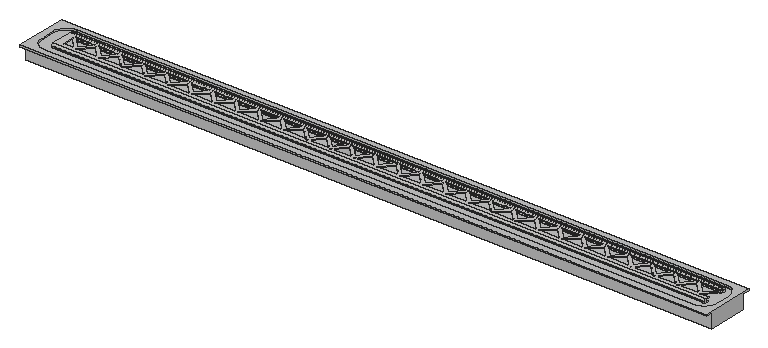
Revit family "Drain-Linear_Pyramid_Noble_FreeStyle", category Plumbing Fixtures, host Face, Revit 2017
Family settings
  Host = Face
  Round Connector Dimension = Use Diameter
  Part Type = Normal
  OmniClass Number = 23.45.55.21
  OmniClass Title = Drains (Wastes)
  Cut with Voids When Loaded = No
  Shared = No
  Room Calculation Point = No
Parameters (values of type "60in PVC")
  Weight = "10 lbs"
  URL = "www.noblecompany.com"
  Type Comments = ""
  Product Properties = "http://www.noblecompany.com/Portals/0/PRODUCT%20INFO/Product%20Descriptions/FreeStyle%20Linear%20Drain%20Product%20Decription%200410.pdf"
  Product Data = "http://www.noblecompany.com/Products/ShowerProducts/tabid/59/Default.aspx"
  Plate = Stainless Steel - Brushed
  Model = "Freestyle 60 PVC - Pyramid"
  Manufacturer Phone - Toll Free = "800-878-5788"
  Manufacturer Phone = "231-799-8000"
  Manufacturer Fax = "231-799-8850"
  Manufacturer Email = "mailto:sales@noblecompany.com"
  Manufacturer Address = "7300 Enterprise Drive, Spring Lake, MI  49456 USA"
  Manufacturer = "Noble Company"
  Installation-Fabrication = "http://www.noblecompany.com/Portals/0/PRODUCT%20INFO/Product%20Descriptions/FreeStyle%20Linear%20Drain%20Product%20Decription%200410.pdf"
  GPM = 0 GPM
  Description = "Freestyle 60 PVC - Pyramid Linear Drain"
  Building Codes = "http://www.noblecompany.com/Portals/0/TECHNICAL%20INFO/Listing_Testing_Certification_Reports/PMG-1065%20Noble%20Company%20Linear%20Drain%20final%202.pdf"
  Base = PVC
  B = 57 3/4"
  Assembly Code = "D2030300"
  A = 60"
  Default Elevation = 0"
  D = 1 5/8"
  C = 33 3/4"
Types (14): name | Model | Description | Base | B | A | D | C
  24in ABS | "Freestyle 24 ABS - Pyramid" | "Freestyle 24 ABS - Pyramid Linear Drain" | ABS | 21 3/4" | 24" | 1 1/4" | 15 3/4"
  32in ABS | "Freestyle 32 ABS - Pyramid" | "Freestyle 32 ABS - Pyramid Linear Drain" | ABS | 29 3/4" | 32" | 1 3/8" | 19 1/2"
  36in ABS | "Freestyle 36 ABS - Pyramid" | "Freestyle 36 ABS - Pyramid Linear Drain" | ABS | 33 3/4" | 36" | 1 3/8" | 21 3/4"
  40in ABS | "Freestyle 40 ABS - Pyramid" | "Freestyle 40 ABS - Pyramid Linear Drain" | ABS | 37 3/4" | 40" | 1 7/16" | 23 3/4"
  48in ABS | "Freestyle 48 ABS - Pyramid" | "Freestyle 48 ABS - Pyramid Linear Drain" | ABS | 45 3/4" | 48" | 1 1/2" | 27 3/4"
  54in ABS | "Freestyle 54 ABS - Pyramid" | "Freestyle 54 ABS - Pyramid Linear Drain" | ABS | 51 3/4" | 54" | 1 9/16" | 30 3/4"
  60in ABS | "Freestyle 60 ABS - Pyramid" | "Freestyle 60 ABS - Pyramid Linear Drain" | ABS | 57 3/4" | 60" | 1 5/8" | 33 3/4"
  24in PVC | "Freestyle 24 PVC - Pyramid" | "Freestyle 24 PVC - Pyramid Linear Drain" | PVC | 21 3/4" | 24" | 1 1/4" | 15 3/4"
  32in PVC | "Freestyle 32 PVC - Pyramid" | "Freestyle 32 PVC - Pyramid Linear Drain" | PVC | 29 3/4" | 32" | 1 3/8" | 19 1/2"
  36in PVC | "Freestyle 36 PVC - Pyramid" | "Freestyle 36 PVC - Pyramid Linear Drain" | PVC | 33 3/4" | 36" | 1 3/8" | 21 3/4"
  40in PVC | "Freestyle 40 PVC - Pyramid" | "Freestyle 40 PVC - Pyramid Linear Drain" | PVC | 37 3/4" | 40" | 1 7/16" | 23 3/4"
  48in PVC | "Freestyle 48 PVC - Pyramid" | "Freestyle 48 PVC - Pyramid Linear Drain" | PVC | 45 3/4" | 48" | 1 1/2" | 27 3/4"
  54in PVC | "Freestyle 54 PVC - Pyramid" | "Freestyle 54 PVC - Pyramid Linear Drain" | PVC | 51 3/4" | 54" | 1 9/16" | 30 3/4"
  60in PVC | "Freestyle 60 PVC - Pyramid" | "Freestyle 60 PVC - Pyramid Linear Drain" | PVC | 57 3/4" | 60" | 1 5/8" | 33 3/4"
Reference planes (in)
  plane 1 "Center (Front/Back)": y = 0
  plane 2: z = 0
  plane 3 "Center (Left/Right)": x = 0
  plane 4: z = -1.625
  plane 5: z = -4.05899
  plane 6: z = -1.625
  plane 7: y = 1.6875
  plane 8: y = -1.6875
  plane 9: z = -0.375
  plane 10: y = 2.25
  plane 11: y = -2.25
  plane 12: z = -0.3125
  plane 13: x = 30
  plane 14: x = -30
  plane 15: x = 28.875
  plane 16: x = -3.75
  plane 17: x = -28.875
  plane 18: z = -0.125
Forms (in)
  Extrusion 1, void, detail levels medium+fine
    sketch origin (0, 0, 0) x (1, 0, 0) y (0, 1, 0)
      loop
        circle (-3.75, 0) r 1
    from -60 to 34.55449
  Extrusion 2, solid, material "PVC" <- "Base", detail levels medium+fine
    sketch origin (10.05986, 0, 0) x (0, 1, 0) y (0, 0, 1)
      loop
        line (2.25, -0.375) -> (2.25, -0.25) -> (-2.25, -0.25) -> (-2.25, -0.375) -> (-1.6875, -0.375) -> (-1.6875, -1.625) -> (1.6875, -1.625) -> (1.6875, -0.375) -> (2.25, -0.375)
    from -40.05986 to 19.94014
  Extrusion 3, void
    sketch origin (10.05986, 0, 0) x (1, 0, 0) y (0, 1, 0)
      loop
        arc (-38.37906, 1.769) -> (-39.18512, 1.43512) -> (-39.519, 0.62906) r 1.13994
        line (-39.519, 0.62906) -> (-39.519, -0.63005)
        arc (-39.519, -0.63005) -> (-39.18541, -1.43541) -> (-38.38005, -1.769) r 1.13895
        line (-38.38005, -1.769) -> (18.37931, -1.769)
        arc (18.37931, -1.769) -> (19.18519, -1.43519) -> (19.519, -0.62931) r 1.13969
        line (19.519, -0.62931) -> (19.519, 0.62118)
        arc (19.519, 0.62118) -> (19.18281, 1.43281) -> (18.37118, 1.769) r 1.14782
        line (18.37118, 1.769) -> (-38.37906, 1.769)
    from -0.375 to 0
  Extrusion 4, void
    sketch origin (0, 0, 0) x (1, 0, 0) y (0, 1, 0)
      loop
        line (29, 1.269) -> (-29, 1.269) -> (-29, -1.269) -> (29, -1.269) -> (29, 1.269)
    from -0.125 to 0
  Extrusion 5, void, detail levels fine
    sketch origin (0, 0, 0) x (0, 1, 0) y (0, 0, 1)
      loop
        line (2.25, -0.375) -> (2.25, -0.125) -> (-2.25, -0.125) -> (-2.25, -0.375) -> (-1.6875, -0.375) -> (-1.6875, -1.625) -> (1.6875, -1.625) -> (1.6875, -0.375) -> (2.25, -0.375)
    from -30 to 30
Cuts and joins
  Extrusion 1, Extrusion 3 cuts Extrusion 2
Lines and regions (in)
  model lines, detail levels coarse+medium
    curve 1: line (-3.75, 0, 0) -> (-3.75, 0, -1.625)
  model lines, style "PlumbingFixtures", detail levels coarse
    curve 2: line (-30, 2.25, 0) -> (-30, -2.25, 0)
    curve 3: line (-30, 2.25, 0) -> (30, 2.25, 0)
    curve 4: line (30, 2.25, 0) -> (30, -2.25, 0)
    curve 5: line (-30, -2.25, 0) -> (30, -2.25, 0)
    curve 6: line (30, 0, 0) -> (-30, 0, 0)
Dimensions and locks (in)
  "D": plane 2 to plane 4
  locked: plane 4 to plane 5 at 2.43399
  "D": plane 6 to level
  equal spacing: plane 7, plane 1 "Center (Front/Back)", plane 8, locked at 1.6875 each
  locked: plane 9 to level at 0.375
  plane 7 to plane 8 = 3 3/8"
  locked: plane 10 to plane 7 at 0.5625
  locked: plane 8 to plane 11 at 0.5625
  "A": plane 14 to plane 13
  locked: plane 15 to plane 13 at 1.125
  "C": plane 16 to plane 13
  locked: plane 14 to plane 17 at 1.125
  locked: Extrusion 3 sketch curve to plane 13 at 0.42114
  locked: plane 14 to Extrusion 3 sketch curve at 0.54086
  equal spacing: plane 14, plane 3 "Center (Left/Right)", plane 13
  locked: plane 9 to plane 12 at 0.0625
  locked: level to plane 18 at 0.125
  level to Extrusion 2 sketch curve = 1/4"
  locked: plane 15 to Extrusion 4 sketch curve at 0.125
  locked: Extrusion 4 sketch curve to plane 17 at 0.125
  radius of Extrusion 1 sketch curve = 1"
  aligned and locked: plane 2 to host face
  aligned and locked: level to host face
  aligned and locked: plane 1 "Center (Front/Back)" to Extrusion 1 sketch curve
  aligned and locked: plane 13 to Extrusion 2
  aligned and locked: plane 16 to Extrusion 1 sketch curve
  aligned and locked: plane 10 to Extrusion 5 sketch curve
  aligned and locked: plane 9 to Extrusion 5 sketch curve
  aligned and locked: plane 7 to Extrusion 5 sketch curve
  aligned and locked: plane 4 to Extrusion 5 sketch curve
  aligned and locked: plane 11 to Extrusion 5 sketch curve
  aligned and locked: Extrusion 5 sketch curve to plane 8
  aligned and locked: Extrusion 5 to plane 14
  aligned and locked: plane 13 to Extrusion 5
  aligned and locked: curve 6 to plane 1 "Center (Front/Back)"
  aligned and locked: plane 14 to curve 6
  aligned and locked: plane 13 to curve 6
  aligned and locked: curve 1 to plane 16
  aligned and locked: level to curve 1
  aligned and locked: plane 6 to curve 1
  aligned and locked: Extrusion 2 to plane 14
  aligned and locked: plane 3 "Center (Left/Right)" to nested 1
  aligned and locked: plane 1 "Center (Front/Back)" to nested 1
  aligned and locked: plane 12 to nested 1
  aligned and locked: plane 9 to Extrusion 3
  aligned and locked: Extrusion 4 to plane 18
  aligned and locked: level to Extrusion 4
Automatic sketch dimensions
  host sketch curve to host sketch curve = 48 1/4"
  host sketch curve to host sketch curve = 96"
  plane 9 to Extrusion 2 sketch curve = 0"  (x2)
  Extrusion 2 sketch curve to plane 11 = 0"
  Extrusion 2 sketch curve to plane 4 = 0"
  Extrusion 2 sketch curve to plane 8 = 0"
  Extrusion 2 sketch curve to plane 7 = 0"
  Extrusion 2 sketch curve to plane 10 = 0"
  Extrusion 3 sketch curve to plane 8 = 0.0815"
  plane 17 to Extrusion 3 sketch curve = 0.55481"
  Extrusion 3 sketch curve to plane 7 = 0.0815"
  plane 17 to Extrusion 3 sketch curve = 0.5558"
  Extrusion 3 sketch curve to plane 15 = 0.44396"
  Extrusion 3 sketch curve to plane 15 = 0.43583"
  curve 2 to plane 10 = 0"
  curve 5 to plane 11 = 0"
  plane 9 to Extrusion 5 sketch curve = 0"
  Extrusion 5 sketch curve to plane 18 = 0"
  plane 8 to Extrusion 4 sketch curve = 0.4185"
  plane 7 to Extrusion 4 sketch curve = 0.4185"
Nested families (in)
  nested 1: "Strainer" at (-12.24848, 0, -0.3125), type "24"", detail levels fine
    with Strainer Length 57 3/4"
Connectors (in)
  piping at (-3.75, 0, -1.625), diameter 2, driven by "GPM"
    settings: on cut or joined group of Extrusion 1, Extrusion 2, Extrusion 3, index 1, connector inside diameter 2", connector length 0", flow factor 0, pipe flow 0 GPM, pressure drop 0.00 psi, fitting loss kfactor 0, connector angle 0.00°, fixture units 0, engagement length 0", angle of deflection 0.00°, flow configuration 0, flow direction 2, fitting loss method 0, system type 16, joint type 0, gender type 0, connector reference index -1, connector utility 0, adjustable connector no, is connector primary yes, connector description ""
Definition of nested family "Strainer"
  Parameters
    Strainer Width = 2 1/4"
    Strainer Height = 5/16"
    Strainer Length = 26 1/4"
    Strainer Finish = none
  Reference planes (in)
    plane 1 "Center (Front/Back)": y = 0
    plane 2: z = 0
    plane 3 "Center (Left/Right)": x = 12.24848
    plane 4: y = 1.125
    plane 5: y = -1.125
    plane 6: x = 42.24848
    plane 7: x = -17.75152
    plane 8: z = 0.3125
    plane 9: x = -0.87652
    plane 10: x = 25.37348
  Forms (in)
    Extrusion 1, solid, material <- "Strainer Finish", detail levels medium+fine
      sketch origin (0, 0, 0) x (1, 0, 0) y (0, 1, 0)
        loop
          line (-15.87652, 1.1245) -> (-15.87652, -1.1245) -> (41.87348, -1.1245) -> (41.87348, 1.1245) -> (-15.87652, 1.1245)
        loop
          line (38.33086, -0.625) -> (40.20315, -0.625) -> (39.267, 0.375) -> (38.33086, -0.625)
        loop
          line (36.3102, -0.625) -> (38.18249, -0.625) -> (37.24635, 0.375) -> (36.3102, -0.625)
        loop
          line (39.20438, 0.63946) -> (37.33209, 0.63946) -> (38.26824, -0.36054) -> (39.20438, 0.63946)
        loop
          line (34.28955, -0.625) -> (36.16184, -0.625) -> (35.22569, 0.375) -> (34.28955, -0.625)
        loop
          line (37.18372, 0.63946) -> (35.31144, 0.63946) -> (36.24758, -0.36054) -> (37.18372, 0.63946)
        loop
          line (32.26889, -0.625) -> (34.14118, -0.625) -> (33.20504, 0.375) -> (32.26889, -0.625)
        loop
          line (35.16307, 0.63946) -> (33.29078, 0.63946) -> (34.22693, -0.36054) -> (35.16307, 0.63946)
        loop
          line (30.24824, -0.625) -> (32.12052, -0.625) -> (31.18438, 0.375) -> (30.24824, -0.625)
        loop
          line (33.14241, 0.63946) -> (31.27013, 0.63946) -> (32.20627, -0.36054) -> (33.14241, 0.63946)
        loop
          line (28.22758, -0.625) -> (30.09987, -0.625) -> (29.16372, 0.375) -> (28.22758, -0.625)
        loop
          line (31.12176, 0.63946) -> (29.24947, 0.63946) -> (30.18561, -0.36054) -> (31.12176, 0.63946)
        loop
          line (26.20692, -0.625) -> (28.07921, -0.625) -> (27.14307, 0.375) -> (26.20692, -0.625)
        loop
          line (29.1011, 0.63946) -> (27.22881, 0.63946) -> (28.16496, -0.36054) -> (29.1011, 0.63946)
        loop
          line (24.18627, -0.625) -> (26.05856, -0.625) -> (25.12241, 0.375) -> (24.18627, -0.625)
        loop
          line (27.08045, 0.63946) -> (25.20816, 0.63946) -> (26.1443, -0.36054) -> (27.08045, 0.63946)
        loop
          line (22.16561, -0.625) -> (24.0379, -0.625) -> (23.10176, 0.375) -> (22.16561, -0.625)
        loop
          line (25.05979, 0.63946) -> (23.1875, 0.63946) -> (24.12365, -0.36054) -> (25.05979, 0.63946)
        loop
          line (20.14496, -0.625) -> (22.01725, -0.625) -> (21.0811, 0.375) -> (20.14496, -0.625)
        loop
          line (23.03914, 0.63946) -> (21.16685, 0.63946) -> (22.10299, -0.36054) -> (23.03914, 0.63946)
        loop
          line (18.1243, -0.625) -> (19.99659, -0.625) -> (19.06045, 0.375) -> (18.1243, -0.625)
        loop
          line (21.01848, 0.63946) -> (19.14619, 0.63946) -> (20.08234, -0.36054) -> (21.01848, 0.63946)
        loop
          line (16.10365, -0.625) -> (17.97594, -0.625) -> (17.03979, 0.375) -> (16.10365, -0.625)
        loop
          line (18.99783, 0.63946) -> (17.12554, 0.63946) -> (18.06168, -0.36054) -> (18.99783, 0.63946)
        loop
          line (14.08299, -0.625) -> (15.95528, -0.625) -> (15.01914, 0.375) -> (14.08299, -0.625)
        loop
          line (16.97717, 0.63946) -> (15.10488, 0.63946) -> (16.04103, -0.36054) -> (16.97717, 0.63946)
        loop
          line (12.06234, -0.625) -> (13.93462, -0.625) -> (12.99848, 0.375) -> (12.06234, -0.625)
        loop
          line (14.95651, 0.63946) -> (13.08423, 0.63946) -> (14.02037, -0.36054) -> (14.95651, 0.63946)
        loop
          line (40.35151, -0.625) -> (41.28766, -0.625) -> (41.28766, 0.375) -> (40.35151, -0.625)
        loop
          line (41.22504, 0.63946) -> (39.35275, 0.63946) -> (40.28889, -0.36054) -> (41.22504, 0.63946)
        loop
          line (-12.3339, -0.625) -> (-13.27004, 0.375) -> (-14.20619, -0.625) -> (-12.3339, -0.625)
        loop
          line (-10.31324, -0.625) -> (-11.24939, 0.375) -> (-12.18553, -0.625) -> (-10.31324, -0.625)
        loop
          line (-13.20742, 0.63946) -> (-12.27128, -0.36054) -> (-11.33513, 0.63946) -> (-13.20742, 0.63946)
        loop
          line (-8.29259, -0.625) -> (-9.22873, 0.375) -> (-10.16488, -0.625) -> (-8.29259, -0.625)
        loop
          line (-11.18677, 0.63946) -> (-10.25062, -0.36054) -> (-9.31448, 0.63946) -> (-11.18677, 0.63946)
        loop
          line (-6.27193, -0.625) -> (-7.20808, 0.375) -> (-8.14422, -0.625) -> (-6.27193, -0.625)
        loop
          line (-9.16611, 0.63946) -> (-8.22997, -0.36054) -> (-7.29382, 0.63946) -> (-9.16611, 0.63946)
        loop
          line (-4.25128, -0.625) -> (-5.18742, 0.375) -> (-6.12356, -0.625) -> (-4.25128, -0.625)
        loop
          line (-7.14545, 0.63946) -> (-6.20931, -0.36054) -> (-5.27317, 0.63946) -> (-7.14545, 0.63946)
        loop
          line (-2.23062, -0.625) -> (-3.16676, 0.375) -> (-4.10291, -0.625) -> (-2.23062, -0.625)
        loop
          line (-5.1248, 0.63946) -> (-4.18865, -0.36054) -> (-3.25251, 0.63946) -> (-5.1248, 0.63946)
        loop
          line (-0.20996, -0.625) -> (-1.14611, 0.375) -> (-2.08225, -0.625) -> (-0.20996, -0.625)
        loop
          line (-3.10414, 0.63946) -> (-2.168, -0.36054) -> (-1.23185, 0.63946) -> (-3.10414, 0.63946)
        loop
          line (1.81069, -0.625) -> (0.87455, 0.375) -> (-0.0616, -0.625) -> (1.81069, -0.625)
        loop
          line (-1.08349, 0.63946) -> (-0.14734, -0.36054) -> (0.7888, 0.63946) -> (-1.08349, 0.63946)
        loop
          line (3.83135, -0.625) -> (2.8952, 0.375) -> (1.95906, -0.625) -> (3.83135, -0.625)
        loop
          line (0.93717, 0.63946) -> (1.87331, -0.36054) -> (2.80946, 0.63946) -> (0.93717, 0.63946)
        loop
          line (5.852, -0.625) -> (4.91586, 0.375) -> (3.97971, -0.625) -> (5.852, -0.625)
        loop
          line (2.95782, 0.63946) -> (3.89397, -0.36054) -> (4.83011, 0.63946) -> (2.95782, 0.63946)
        loop
          line (7.87266, -0.625) -> (6.93651, 0.375) -> (6.00037, -0.625) -> (7.87266, -0.625)
        loop
          line (4.97848, 0.63946) -> (5.91462, -0.36054) -> (6.85077, 0.63946) -> (4.97848, 0.63946)
        loop
          line (9.89331, -0.625) -> (8.95717, 0.375) -> (8.02102, -0.625) -> (9.89331, -0.625)
        loop
          line (6.99913, 0.63946) -> (7.93528, -0.36054) -> (8.87142, 0.63946) -> (6.99913, 0.63946)
        loop
          line (11.91397, -0.625) -> (10.97782, 0.375) -> (10.04168, -0.625) -> (11.91397, -0.625)
        loop
          line (9.01979, 0.63946) -> (9.95593, -0.36054) -> (10.89208, 0.63946) -> (9.01979, 0.63946)
        loop
          line (11.04045, 0.63946) -> (11.97659, -0.36054) -> (12.91273, 0.63946) -> (11.04045, 0.63946)
        loop
          line (-14.35455, -0.625) -> (-15.2907, 0.375) -> (-15.2907, -0.625) -> (-14.35455, -0.625)
        loop
          line (-15.22808, 0.63946) -> (-14.29193, -0.36054) -> (-13.35579, 0.63946) -> (-15.22808, 0.63946)
      from 0 to 0.3125
    Extrusion 2, void
      sketch origin (12.24848, 0, 0) x (0, 1, 0) y (0, 0, 1)
        loop
          line (1.1245, 0.3125) -> (0.9995, 0.3125)
          arc (0.9995, 0.3125) -> (1.08789, 0.27589) -> (1.1245, 0.1875) r 0.125
          line (1.1245, 0.1875) -> (1.1245, 0.3125)
        loop
          line (-1.1245, 0.3125) -> (-1.1245, 0.1875)
          arc (-1.1245, 0.1875) -> (-1.08789, 0.27589) -> (-0.9995, 0.3125) r 0.125
          line (-0.9995, 0.3125) -> (-1.1245, 0.3125)
        loop
          line (1.1245, 0) -> (1.1245, 0.125)
          arc (1.1245, 0.125) -> (1.08789, 0.03661) -> (0.9995, 0) r 0.125
          line (0.9995, 0) -> (1.1245, 0)
        loop
          line (-1.1245, 0) -> (-0.9995, 0)
          arc (-0.9995, 0) -> (-1.08789, 0.03661) -> (-1.1245, 0.125) r 0.125
          line (-1.1245, 0.125) -> (-1.1245, 0)
        loop
          line (-0.75, 0) -> (0.75, 0) -> (0.75, 0.0625) -> (0.9995, 0.0625)
          arc (0.9995, 0.0625) -> (1.06302, 0.15625) -> (0.9995, 0.25) r 0.10095
          line (0.9995, 0.25) -> (-0.9995, 0.25)
          arc (-0.9995, 0.25) -> (-1.06302, 0.15625) -> (-0.9995, 0.0625) r 0.10095
          line (-0.9995, 0.0625) -> (-0.75, 0.0625) -> (-0.75, 0)
      from -30 to 30
    Extrusion 3, void
      sketch origin (0, 0, 0) x (1, 0, 0) y (0, 1, 0)
        loop
          line (-17.75152, 1.25) -> (-17.75152, -1.25) -> (-0.87652, -1.25) -> (-0.87652, 1.25) -> (-17.75152, 1.25)
        loop
          line (25.37348, 1.25) -> (25.37348, -1.25) -> (42.24848, -1.25) -> (42.24848, 1.25) -> (25.37348, 1.25)
      from 0 to 0.3125
  Cuts and joins
    Extrusion 2, Extrusion 3 cuts Extrusion 1
  Dimensions and locks (in)
    locked: Extrusion 1 sketch curve to Extrusion 1 sketch curve at 57.75
    equal spacing: plane 5, plane 1 "Center (Front/Back)", plane 4
    "Strainer Width": plane 4 to plane 5
    "Strainer Height": plane 8 to level
    Extrusion 2 to level = 5/16"
    plane 7 to plane 3 "Center (Left/Right)" to plane 6 = 30" locked, 30" locked
    Extrusion 3 sketch curve to plane 1 "Center (Front/Back)" to Extrusion 3 sketch curve = 1 1/4" locked, 1 1/4" locked  (x2)
    "Strainer Length": plane 9 to plane 10
    equal spacing: plane 9, plane 3 "Center (Left/Right)", plane 10
    aligned and locked: plane 8 to Extrusion 1
    aligned and locked: Extrusion 2 to plane 7
    aligned and locked: plane 6 to Extrusion 2
    aligned and locked: plane 7 to Extrusion 3 sketch curve
    aligned and locked: Extrusion 3 sketch curve to plane 6
    aligned and locked: plane 8 to cut or joined group of Extrusion 1, Extrusion 2, Extrusion 3
    aligned and locked: cut or joined group of Extrusion 1, Extrusion 2, Extrusion 3 to plane 10
    aligned and locked: plane 9 to cut or joined group of Extrusion 1, Extrusion 2, Extrusion 3
  Automatic sketch dimensions
    Extrusion 2 sketch curve to plane 8 = 0"  (x2)
    Extrusion 2 sketch curve to level = 0"  (x3)
    plane 5 to Extrusion 2 sketch curve = 0.0005"  (x2)
    Extrusion 2 sketch curve to Extrusion 2 sketch curve = 1/8"  (x2)
    Extrusion 2 sketch curve to Extrusion 2 sketch curve = 0"  (x4)
    Extrusion 2 sketch curve to Extrusion 2 sketch curve = 0.03743"  (x3)
    level to Extrusion 2 sketch curve = 1/16"  (x2)
    Extrusion 2 sketch curve to Extrusion 2 sketch curve = 0.21207"
    Extrusion 2 sketch curve to plane 4 = 3/8"
    Extrusion 2 sketch curve to plane 4 = 0.16293"
    Extrusion 2 sketch curve to plane 4 = 0.0005"  (x2)
    Extrusion 2 sketch curve to Extrusion 2 sketch curve = 1/32"
    Extrusion 3 sketch curve to plane 6 = 16 7/8"
    Extrusion 3 sketch curve to Extrusion 3 sketch curve = 16 7/8"
    plane 3 "Center (Left/Right)" to Extrusion 1 sketch curve = 3/4"
    plane 3 "Center (Left/Right)" to Extrusion 1 sketch curve = 0.66425"
    Extrusion 1 sketch curve to plane 3 "Center (Left/Right)" = 0.18614"
    plane 1 "Center (Front/Back)" to Extrusion 1 sketch curve = 0.36054"  (x28)
    Extrusion 1 sketch curve to Extrusion 1 sketch curve = 0.08575"  (x28)
    Extrusion 1 sketch curve to Extrusion 1 sketch curve = 0.14837"  (x54)
    Extrusion 1 sketch curve to plane 4 = 0.48554"  (x28)
    Extrusion 1 sketch curve to Extrusion 1 sketch curve = 0.93614"  (x54)
    Extrusion 1 sketch curve to plane 1 "Center (Front/Back)" = 3/8"  (x26)
    Extrusion 1 sketch curve to Extrusion 1 sketch curve = 0.06262"  (x26)
    plane 5 to Extrusion 1 sketch curve = 1/2"  (x28)
    Extrusion 1 sketch curve to plane 4 = 0.0005"
    Extrusion 1 sketch curve to Extrusion 1 sketch curve = 1.58459"
    Extrusion 1 sketch curve to Extrusion 1 sketch curve = 83/128"
    Extrusion 1 sketch curve to Extrusion 1 sketch curve = 0.58582"
    plane 3 "Center (Left/Right)" to Extrusion 1 sketch curve = 0.83575"
    plane 3 "Center (Left/Right)" to Extrusion 1 sketch curve = 1.68614"
    plane 5 to Extrusion 1 sketch curve = 0.0005"
    Extrusion 1 sketch curve to Extrusion 1 sketch curve = 0"
    Extrusion 1 sketch curve to Extrusion 1 sketch curve = 0.26446"  (x3)
